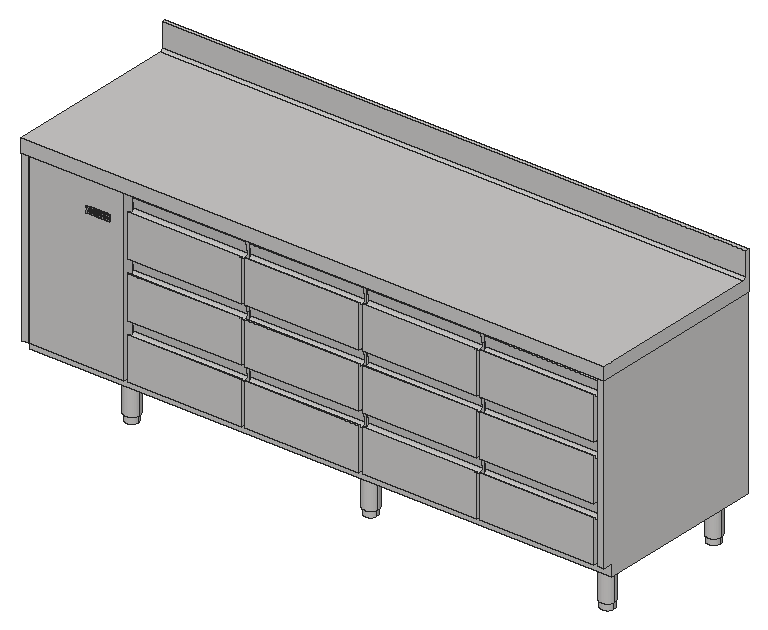
Revit family "QF_ZANUSSI_111066_ZH4H3CCCC", category Specialty Equipment, Revit 2018
Family settings
  Round Connector Dimension = Use Diameter
  Part Type = Normal
  Work Plane-Based = No
  Always vertical = Yes
  Cut with Voids When Loaded = No
  Shared = No
  Room Calculation Point = No
Parameters
  Weight = 0.00 kg
  Watts = 0.0232258 W
  Volts = 220 V
  URL Manufacturer = "http://www.zanussiprofessional.com/"
  URL = "http://www.zanussiprofessional.com/"
  Steam Supply Size = 0 mm
  Steam Supply Minimum Pressure = 0.0 Pa
  Steam Supply Maximum Pressure = 0.0 Pa
  Steam Pounds per Hour = 0
  Show Logo [instance] = yes
  Show Clearance [instance] = yes
  Refrigeration Suction Line Size = 0 mm
  Refrigeration Liquid Line Size = 0 mm
  Refrigerant Compressor Remote = yes
  Manufacturer = "Zanussi"
  Phase = 1
  Model = "ZH4H3CCCC"
  Length Actual = 2253 mm  # constant formula
  Item Number = "111066"
  Hot Water Size = 0 mm
  Height Actual = 1000 mm  # constant formula
  HP = "0.3 HP"
  Gas Size = 0 mm
  Gas KW = 0
  Gas Input Pressure = 0 W
  Description = "12x1/3 DRAWERS REFR.TABLE 590L-SPLASHB"
  Depth Actual = 700 mm  # constant formula
  Cycle = 50 Hz
  Condensate Return Size = 0 mm
  Compressed Air Volume = 0.0 L/s
  Compressed Air Size = 0 mm
  Compressed Air Pressure = 0.0 Pa
  Cold Water Size = 0 mm
  Accessory = yes
Reference planes
  plane 1 "Center X": y = 182.5
  plane 2: z = 0
  plane 3 "Center Y": x = -580.5
  plane 4: y = -62.5
  plane 5: y = 451.5
  plane 6 "BACK": y = 532.5
  plane 7 "FRONT": y = -167.5
  plane 8: x = -1360
  plane 9: x = 478
  plane 10: z = 150
  plane 11 "TOP": z = 900
  plane 12: z = 850
  plane 13 "LEFT": x = -1705
  plane 14 "RIGHT": x = 544
  plane 15: x = -437
  plane 16: x = -1707
  plane 17: x = 546
Forms (mm)
  Extrusion 1, solid, material "QF_Finishes_Stainless Steel"
    sketch origin (-580.5, 2, 0) x (0, 1, 0) y (0, 0, 1)
      loop
        line (530.5, 150) -> (530.5, 850) -> (-124.5, 850) -> (-124.5, 150) -> (530.5, 150)
    from -1124.5 to 1124.5
  Extrusion 2, solid, material "QF_Finishes_Stainless Steel"
    sketch origin (-1022.223, -1524, 150) x (-1, 0, 0) y (0, -1, 0)
      loop
        line (682.777, -1361.5) -> (657.777, -1361.5) -> (657.777, -1401.5) -> (682.777, -1401.5) -> (682.777, -1361.5)
      loop
        line (-1566.223, -1401.5) -> (-1541.223, -1401.5) -> (-1541.223, -1361.5) -> (-1566.223, -1361.5) -> (-1566.223, -1401.5)
    from 47 to 700
  Extrusion 3, solid, material "QF_Finishes_Stainless Steel"
    sketch origin (0, 0, 900) x (-1, 0, 0) y (0, -1, 0)
      loop
        circle (-57, -94.5) r 8.45
      loop
        circle (851, -94.5) r 8.45
    from -790.577 to -750
  Extrusion 4, solid, material "QF_Finishes_Stainless Steel"
    sketch origin (0, 0, 0) x (1, 0, 0) y (0, 1, 0)
      loop
        circle (-1621, 451.5) r 4
    from 109.423 to 150
  Extrusion 5, solid, material "QF_Finishes_Stainless Steel"
    sketch origin (-126.5, 0, 0) x (0, 1, 0) y (0, 0, 1)
      loop
        line (-167.5, 900) -> (-167.5, 850) -> (532.5, 850) -> (532.5, 1000) -> (519.5, 1000) -> (519.5, 910)
        arc (519.5, 910) -> (516.571, 902.929) -> (509.5, 900) r 10
        line (509.5, 900) -> (-167.5, 900)
    from 672.5 to -1580.5
Cuts and joins
  joined: Extrusion 1, Extrusion 2
Lines and regions (mm)
  symbolic lines, style "SpecialityEquipmentHiddenLines"
    curve 1: line (-1707, -122.5, 900) -> (546, -122.5, 900)
    curve 2: line (-1304, -167.5, 900) -> (-1304, -122.5, 900)
  symbolic lines, style "SpecialityEquipment"
    curve 3: line (-1707, 532.5, 900) -> (546, 532.5, 900)
    curve 4: line (-1707, 532.5, 900) -> (-1707, -167.5, 900)
    curve 5: line (-1707, -167.5, 900) -> (546, -167.5, 900)
    curve 6: line (546, -167.5, 900) -> (546, 532.5, 900)
    curve 7: line (-1707, 519.5, 900) -> (546, 519.5, 900)
Dimensions and locks
  locked: plane 6 "BACK" to plane 7 "FRONT" at 700
  equal spacing: plane 6 "BACK", plane 1 "Center X", plane 7 "FRONT"
  locked: plane 6 "BACK" to plane 5 at 81
  plane 10 to level = 150 mm
  plane 11 "TOP" to plane 12 to plane 10 = 50 mm locked, 700 mm locked
  locked: Extrusion 2 sketch curve to Extrusion 2 sketch curve at 25  (x2)
  locked: plane 4 to plane 7 "FRONT" at 105
  locked: plane 6 "BACK" to Extrusion 3 sketch curve at 438  (x2)
  equal spacing: plane 13 "LEFT", plane 3 "Center Y", plane 14 "RIGHT"
  plane 16 to plane 17 = 2253 mm
  locked: plane 13 "LEFT" to plane 8 at 345
  plane 15 to plane 9 to plane 14 "RIGHT" = 915 mm locked, 66 mm locked
  Extrusion 3 sketch curve to Extrusion 3 sketch curve to plane 14 "RIGHT" = 908 mm locked, 487 mm locked
  plane 13 "LEFT" to Extrusion 4 sketch curve = 84 mm
  locked: plane 6 "BACK" to Extrusion 4 sketch curve at 81
  locked: plane 10 to Extrusion 4 at 40.577
  aligned and locked: level to plane 2
  aligned and locked: plane 10 to Extrusion 3
  aligned and locked: nested 4 to plane 4
  aligned and locked: nested 1 to plane 4
  aligned and locked: nested 3 to plane 5
  aligned and locked: nested 2 to plane 5
  aligned and locked: plane 8 to nested 1
  aligned and locked: plane 8 to nested 2
  aligned and locked: plane 9 to nested 4
  aligned and locked: plane 9 to nested 3
  aligned and locked: Extrusion 1 to Extrusion 2
  aligned and locked: Extrusion 2 to Extrusion 1
  aligned and locked: Extrusion 2 sketch curve to plane 14 "RIGHT"
  aligned and locked: plane 13 "LEFT" to Extrusion 2 sketch curve
  aligned and locked: cut or joined group of Extrusion 1, Extrusion 2 to plane 10
  aligned and locked: plane 12 to cut or joined group of Extrusion 1, Extrusion 2
  aligned and locked: plane 10 to Extrusion 4
  aligned and locked: plane 15 to nested 11
  aligned and locked: plane 15 to nested 12
Automatic sketch dimensions
  plane 7 "FRONT" to Extrusion 2 sketch curve = 45 mm  (x2)
  plane 7 "FRONT" to Extrusion 2 sketch curve = 5 mm  (x2)
  Extrusion 1 sketch curve to plane 10 = 0 mm
  Extrusion 1 sketch curve to plane 12 = 0 mm
  Extrusion 1 sketch curve to plane 6 "BACK" = 0 mm
  plane 7 "FRONT" to Extrusion 1 sketch curve = 45 mm
  Extrusion 5 sketch curve to plane 7 "FRONT" = 0 mm
  Extrusion 5 sketch curve to plane 11 "TOP" = 0 mm
  Extrusion 5 sketch curve to plane 6 "BACK" = 0 mm
  Extrusion 5 sketch curve to plane 12 = 0 mm
  plane 11 "TOP" to Extrusion 5 sketch curve = 10 mm
  Extrusion 5 sketch curve to plane 6 "BACK" = 23 mm
  Extrusion 5 sketch curve to Extrusion 5 sketch curve = 90 mm
  curve 7 to plane 17 = 0 mm
  curve 2 to plane 7 "FRONT" = 0 mm
  curve 5 to plane 16 = 0 mm
  curve 3 to plane 6 "BACK" = 0 mm
  plane 8 to curve 2 = 56 mm
  curve 3 to curve 7 = 13 mm
  plane 7 "FRONT" to curve 1 = 45 mm
  radius of Extrusion 3 sketch curve = 8.45 mm  (x2)
  radius of Extrusion 4 sketch curve = 4 mm
Nested families
  nested 1: "Foot_Ø50_H150" at (-1360, -62.5, 0), type "Foot_Ø50_H150"
  nested 2: "Foot_Ø50_H150" at (-1360, 451.5, 0), type "Foot_Ø50_H150"
  nested 3: "Foot_Ø50_H150" at (478, 451.5, 0), type "Foot_Ø50_H150"
  nested 4: "Foot_Ø50_H150" at (478, -62.5, 0), type "Foot_Ø50_H150"
  nested 5: "3x1-3 Drawers" at (285, -164.5, 0), Show Clearance <- "Show Clearance", type "3x1-3 Drawers"
  nested 6: "3x1-3 Drawers" at (-169, -164.5, 0), Show Clearance <- "Show Clearance", type "3x1-3 Drawers"
  nested 7: "Refrigerator" at (544, -167.5, 900), type "Refrigerator"
  nested 8: "ZAN_Cooling Unit" at (-1495.5, -164.5, 0), Show Logo <- "Show Logo", type "ZAN_Cooling Unit"
  nested 9: "3x1-3 Drawers" at (-623, -164.5, 0), Show Clearance <- "Show Clearance", type "3x1-3 Drawers"
  nested 10: "3x1-3 Drawers" at (-1077, -164.5, 0) x (-1, 0, 0) z (0, 0, 1), Show Clearance <- "Show Clearance", type "3x1-3 Drawers"
  nested 11: "Foot_Ø50_H150" at (-437, -62.5, 0), type "Foot_Ø50_H150"
  nested 12: "Foot_Ø50_H150" at (-437, 451.5, 0), type "Foot_Ø50_H150"
Connectors
  electrical at (-1621, 451.5, 109.423), driven by "Volts"
    settings: on Extrusion 4, index 4, voltage 220 V, apparent load 0 VA, apparent load phase1 0 VA, apparent load phase2 0 VA, apparent load phase3 0 VA, power factor 1, load classification "Altro", number of poles 1, system type 30, power factor state 1, is connector primary yes, connector utility no, sub classification motor no, connector description "Electrical Connection"
  piping at (57, 94.5, 109.423), diameter 17
    settings: on Extrusion 3, index 5, connector inside diameter 609.6 mm, connector length 0 mm, flow factor 0, pipe flow 0.0 L/s, pressure drop 0.0 Pa, fitting loss kfactor 0, connector angle 0.00°, fixture units 0, engagement length 0 mm, angle of deflection 0.00°, flow configuration 1, flow direction 2, fitting loss method 0, system type 16, joint type 0, gender type 0, connector reference index -1, connector utility 0, adjustable connector no, is connector primary yes, connector description "Drain"
  piping at (-851, 94.5, 109.423), diameter 17
    settings: on Extrusion 3, index 6, connector inside diameter 609.6 mm, connector length 0 mm, flow factor 0, pipe flow 0.0 L/s, pressure drop 0.0 Pa, fitting loss kfactor 0, connector angle 0.00°, fixture units 0, engagement length 0 mm, angle of deflection 0.00°, flow configuration 1, flow direction 2, fitting loss method 0, system type 16, joint type 0, gender type 0, connector reference index -1, connector utility 0, adjustable connector no, is connector primary no, connector description "Drain"
Definition of nested family "Foot_Ø50_H150"
  Reference planes
    plane 1 "Centro (Fronte/Retro)": y = 0
    plane 2: z = 0
    plane 3 "Centro (Sinistra/Destra)": x = 0
    plane 4: z = 150
  Forms (mm)
    Revolve 1, solid
      sketch origin (255.05, 0, 608.09) x (0, 0, 1) y (-1, 0, 0)
        loop
          line (-608.09, 255.05) -> (-608.09, 230.05) -> (-583.09, 230.05) -> (-583.09, 226.05) -> (-458.09, 226.05) -> (-458.09, 255.05) -> (-608.09, 255.05)
        axis (-608.09, 255.05) -> (-458.09, 255.05)
      angle from 0 to 360
  Dimensions and locks
    locked: Revolve 1 sketch curve to Revolve 1 sketch curve at 125
    aligned and locked: level to plane 2
    aligned and locked: plane 4 to Revolve 1 sketch curve
    aligned and locked: Revolve 1 sketch curve to level
    aligned and locked: plane 3 "Centro (Sinistra/Destra)" to Revolve 1 sketch curve
Definition of nested family "3x1-3 Drawers"
  Parameters
    Show Clearance [instance] = yes
  Reference planes
    plane 1 "FRONT": y = -3
    plane 2: z = 0
    plane 3 "Centro (Sinistra/Destra)": x = 0
    plane 4: z = 150
    plane 5: z = 850
    plane 6: x = -234
    plane 7: x = 234
    plane 8: x = -220
    plane 9: x = 220
  Forms (mm)
    Extrusion 1, solid
      sketch origin (0, 55, 511) x (0, 0, 1) y (0, -1, 0)
        loop
          line (314, 18) -> (314, 29) -> (274.395, 22.5)
          arc (274.395, 22.5) -> (260.395, 36.5) -> (274.395, 50.5) r 14
          line (274.395, 50.5) -> (274.395, 53) -> (111.333, 53) -> (111.333, 18) -> (314, 18)
        loop
          line (101.333, 29) -> (61.728, 22.5)
          arc (61.728, 22.5) -> (47.728, 36.5) -> (61.728, 50.5) r 14
          line (61.728, 50.5) -> (61.728, 53) -> (-101.333, 53) -> (-101.333, 18) -> (101.333, 18) -> (101.333, 29)
        loop
          line (-314, 18) -> (-111.333, 18) -> (-111.333, 29) -> (-150.939, 22.5)
          arc (-150.939, 22.5) -> (-164.939, 36.5) -> (-150.939, 50.5) r 14
          line (-150.939, 50.5) -> (-150.939, 53) -> (-314, 53) -> (-314, 18)
      from -220 to 220
    Extrusion 2, solid, visible <- "Show Clearance", detail levels coarse
      sketch origin (0, -462, 511) x (0, 0, 1) y (0, -1, 0)
        loop
          line (-314, 109) -> (-314, -464) -> (-111.333, -464) -> (-111.333, 109) -> (-314, 109)
        loop
          line (314, -464) -> (314, 109) -> (111.333, 109) -> (111.333, -464) -> (314, -464)
        loop
          line (101.333, 109) -> (-101.333, 109) -> (-101.333, -464) -> (101.333, -464) -> (101.333, 109)
      from -220 to 220
  Lines and regions (mm)
    symbolic lines
      curve 1: line (-190, -3, 0) -> (-190, -48, 0)
      curve 2: line (220, -48, 0) -> (-220, -48, 0)
      curve 3: line (-220, -48, 0) -> (-220, -83, 0)
      curve 4: line (-220, -83, 0) -> (220, -83, 0)
      curve 5: line (220, -83, 0) -> (220, -48, 0)
      curve 6: line (190, -48, 0) -> (190, -3, 0)
      curve 7: line (-190, -83, 0) -> (-190, -128, 0)
      curve 8: line (220, -128, 0) -> (-220, -128, 0)
      curve 9: line (-220, -128, 0) -> (-220, -163, 0)
      curve 10: line (-220, -163, 0) -> (220, -163, 0)
      curve 11: line (220, -163, 0) -> (220, -128, 0)
      curve 12: line (190, -128, 0) -> (190, -83, 0)
      curve 13: line (-190, -163, 0) -> (-190, -208, 0)
      curve 14: line (220, -208, 0) -> (-220, -208, 0)
      curve 15: line (-220, -208, 0) -> (-220, -243, 0)
      curve 16: line (-220, -243, 0) -> (220, -243, 0)
      curve 17: line (220, -243, 0) -> (220, -208, 0)
      curve 18: line (190, -208, 0) -> (190, -163, 0)
  Dimensions and locks
    aligned and locked: level to plane 2
Definition of nested family "ZAN_Cooling Unit"
  Parameters
    Show Logo [instance] = yes
  Reference planes
    plane 1 "FRONT": y = -3
    plane 2: z = 0
    plane 3 "Centro (Sinistra/Destra)": x = 0
    plane 4: z = 150
    plane 5: z = 850
    plane 6: x = -184.5
    plane 7: x = 184.5
  Forms (mm)
    Extrusion 1, solid
      sketch origin (0, 55, 511) x (0, 0, 1) y (0, -1, 0)
        loop
          line (-314, 53) -> (-314, 13) -> (339, 13) -> (339, 53) -> (-314, 53)
      from -184.5 to 184.5
  Lines and regions (mm)
    Split face 1
      outline origin (0, 2, 197) x (0, 0, 1) y (-1, 0, 0)
        loop
          line (566.835, 184.5) -> (566.835, -184.5)
        loop
          line (521.835, 184.5) -> (521.835, -184.5)
    Split face 2
      outline origin (0, 2, 197) x (0, 0, 1) y (-1, 0, 0)
        loop
          arc (510.649, 158.547) -> (506.648, 162.548) -> (502.647, 158.547) r 4.001
          line (502.647, 158.547) -> (502.647, 116.535)
          arc (502.647, 116.535) -> (506.648, 112.533) -> (510.649, 116.535) r 4.001
          line (510.649, 116.535) -> (510.649, 158.547)
    Split face 3
      outline origin (0, 2, 184.996) x (0, 0, 1) y (-1, 0, 0)
        loop
          arc (510.649, 158.547) -> (506.648, 162.548) -> (502.647, 158.547) r 4.001
          line (502.647, 158.547) -> (502.647, 116.535)
          arc (502.647, 116.535) -> (506.648, 112.533) -> (510.649, 116.535) r 4.001
          line (510.649, 116.535) -> (510.649, 158.547)
    Split face 4
      outline origin (0, 2, 172.993) x (0, 0, 1) y (-1, 0, 0)
        loop
          arc (510.649, 158.547) -> (506.648, 162.548) -> (502.647, 158.547) r 4.001
          line (502.647, 158.547) -> (502.647, 116.535)
          arc (502.647, 116.535) -> (506.648, 112.533) -> (510.649, 116.535) r 4.001
          line (510.649, 116.535) -> (510.649, 158.547)
    Split face 5
      outline origin (0, 2, 160.989) x (0, 0, 1) y (-1, 0, 0)
        loop
          arc (510.649, 158.547) -> (506.648, 162.548) -> (502.647, 158.547) r 4.001
          line (502.647, 158.547) -> (502.647, 116.535)
          arc (502.647, 116.535) -> (506.648, 112.533) -> (510.649, 116.535) r 4.001
          line (510.649, 116.535) -> (510.649, 158.547)
    Split face 6
      outline origin (0, 2, 148.986) x (0, 0, 1) y (-1, 0, 0)
        loop
          arc (510.649, 158.547) -> (506.648, 162.548) -> (502.647, 158.547) r 4.001
          line (502.647, 158.547) -> (502.647, 116.535)
          arc (502.647, 116.535) -> (506.648, 112.533) -> (510.649, 116.535) r 4.001
          line (510.649, 116.535) -> (510.649, 158.547)
    Split face 7
      outline origin (0, 2, 136.982) x (0, 0, 1) y (-1, 0, 0)
        loop
          arc (510.649, 158.547) -> (506.648, 162.548) -> (502.647, 158.547) r 4.001
          line (502.647, 158.547) -> (502.647, 116.535)
          arc (502.647, 116.535) -> (506.648, 112.533) -> (510.649, 116.535) r 4.001
          line (510.649, 116.535) -> (510.649, 158.547)
    Split face 8
      outline origin (0, 2, 124.979) x (0, 0, 1) y (-1, 0, 0)
        loop
          arc (510.649, 158.547) -> (506.648, 162.548) -> (502.647, 158.547) r 4.001
          line (502.647, 158.547) -> (502.647, 116.535)
          arc (502.647, 116.535) -> (506.648, 112.533) -> (510.649, 116.535) r 4.001
          line (510.649, 116.535) -> (510.649, 158.547)
    Split face 9
      outline origin (0, 2, 112.975) x (0, 0, 1) y (-1, 0, 0)
        loop
          arc (510.649, 158.547) -> (506.648, 162.548) -> (502.647, 158.547) r 4.001
          line (502.647, 158.547) -> (502.647, 116.535)
          arc (502.647, 116.535) -> (506.648, 112.533) -> (510.649, 116.535) r 4.001
          line (510.649, 116.535) -> (510.649, 158.547)
    Split face 10
      outline origin (0, 2, 100.972) x (0, 0, 1) y (-1, 0, 0)
        loop
          arc (510.649, 158.547) -> (506.648, 162.548) -> (502.647, 158.547) r 4.001
          line (502.647, 158.547) -> (502.647, 116.535)
          arc (502.647, 116.535) -> (506.648, 112.533) -> (510.649, 116.535) r 4.001
          line (510.649, 116.535) -> (510.649, 158.547)
    Split face 11
      outline origin (0, 2, 88.968) x (0, 0, 1) y (-1, 0, 0)
        loop
          arc (510.649, 158.547) -> (506.648, 162.548) -> (502.647, 158.547) r 4.001
          line (502.647, 158.547) -> (502.647, 116.535)
          arc (502.647, 116.535) -> (506.648, 112.533) -> (510.649, 116.535) r 4.001
          line (510.649, 116.535) -> (510.649, 158.547)
    Split face 12
      outline origin (0, 2, 76.965) x (0, 0, 1) y (-1, 0, 0)
        loop
          arc (510.649, 158.547) -> (506.648, 162.548) -> (502.647, 158.547) r 4.001
          line (502.647, 158.547) -> (502.647, 116.535)
          arc (502.647, 116.535) -> (506.648, 112.533) -> (510.649, 116.535) r 4.001
          line (510.649, 116.535) -> (510.649, 158.547)
    Split face 13
      outline origin (0, 2, 64.961) x (0, 0, 1) y (-1, 0, 0)
        loop
          arc (510.649, 158.547) -> (506.648, 162.548) -> (502.647, 158.547) r 4.001
          line (502.647, 158.547) -> (502.647, 116.535)
          arc (502.647, 116.535) -> (506.648, 112.533) -> (510.649, 116.535) r 4.001
          line (510.649, 116.535) -> (510.649, 158.547)
    Split face 14
      outline origin (0, 2, 52.958) x (0, 0, 1) y (-1, 0, 0)
        loop
          arc (510.649, 158.547) -> (506.648, 162.548) -> (502.647, 158.547) r 4.001
          line (502.647, 158.547) -> (502.647, 116.535)
          arc (502.647, 116.535) -> (506.648, 112.533) -> (510.649, 116.535) r 4.001
          line (510.649, 116.535) -> (510.649, 158.547)
    Split face 15
      outline origin (0, 2, 40.954) x (0, 0, 1) y (-1, 0, 0)
        loop
          arc (510.649, 158.547) -> (506.648, 162.548) -> (502.647, 158.547) r 4.001
          line (502.647, 158.547) -> (502.647, 116.535)
          arc (502.647, 116.535) -> (506.648, 112.533) -> (510.649, 116.535) r 4.001
          line (510.649, 116.535) -> (510.649, 158.547)
    Split face 16
      outline origin (0, 2, 28.951) x (0, 0, 1) y (-1, 0, 0)
        loop
          arc (510.649, 158.547) -> (506.648, 162.548) -> (502.647, 158.547) r 4.001
          line (502.647, 158.547) -> (502.647, 116.535)
          arc (502.647, 116.535) -> (506.648, 112.533) -> (510.649, 116.535) r 4.001
          line (510.649, 116.535) -> (510.649, 158.547)
    Split face 17
      outline origin (0, 2, 16.947) x (0, 0, 1) y (-1, 0, 0)
        loop
          arc (510.649, 158.547) -> (506.648, 162.548) -> (502.647, 158.547) r 4.001
          line (502.647, 158.547) -> (502.647, 116.535)
          arc (502.647, 116.535) -> (506.648, 112.533) -> (510.649, 116.535) r 4.001
          line (510.649, 116.535) -> (510.649, 158.547)
    Split face 18
      outline origin (55.016, 2, 197) x (0, 0, 1) y (-1, 0, 0)
        loop
          arc (510.649, 158.547) -> (506.648, 162.548) -> (502.647, 158.547) r 4.001
          line (502.647, 158.547) -> (502.647, 116.535)
          arc (502.647, 116.535) -> (506.648, 112.533) -> (510.649, 116.535) r 4.001
          line (510.649, 116.535) -> (510.649, 158.547)
    Split face 19
      outline origin (55.016, 2, 184.996) x (0, 0, 1) y (-1, 0, 0)
        loop
          arc (510.649, 158.547) -> (506.648, 162.548) -> (502.647, 158.547) r 4.001
          line (502.647, 158.547) -> (502.647, 116.535)
          arc (502.647, 116.535) -> (506.648, 112.533) -> (510.649, 116.535) r 4.001
          line (510.649, 116.535) -> (510.649, 158.547)
    Split face 20
      outline origin (55.016, 2, 172.993) x (0, 0, 1) y (-1, 0, 0)
        loop
          arc (510.649, 158.547) -> (506.648, 162.548) -> (502.647, 158.547) r 4.001
          line (502.647, 158.547) -> (502.647, 116.535)
          arc (502.647, 116.535) -> (506.648, 112.533) -> (510.649, 116.535) r 4.001
          line (510.649, 116.535) -> (510.649, 158.547)
    Split face 21
      outline origin (55.016, 2, 160.989) x (0, 0, 1) y (-1, 0, 0)
        loop
          arc (510.649, 158.547) -> (506.648, 162.548) -> (502.647, 158.547) r 4.001
          line (502.647, 158.547) -> (502.647, 116.535)
          arc (502.647, 116.535) -> (506.648, 112.533) -> (510.649, 116.535) r 4.001
          line (510.649, 116.535) -> (510.649, 158.547)
    Split face 22
      outline origin (55.016, 2, 148.986) x (0, 0, 1) y (-1, 0, 0)
        loop
          arc (510.649, 158.547) -> (506.648, 162.548) -> (502.647, 158.547) r 4.001
          line (502.647, 158.547) -> (502.647, 116.535)
          arc (502.647, 116.535) -> (506.648, 112.533) -> (510.649, 116.535) r 4.001
          line (510.649, 116.535) -> (510.649, 158.547)
    Split face 23
      outline origin (55.016, 2, 136.982) x (0, 0, 1) y (-1, 0, 0)
        loop
          arc (510.649, 158.547) -> (506.648, 162.548) -> (502.647, 158.547) r 4.001
          line (502.647, 158.547) -> (502.647, 116.535)
          arc (502.647, 116.535) -> (506.648, 112.533) -> (510.649, 116.535) r 4.001
          line (510.649, 116.535) -> (510.649, 158.547)
    Split face 24
      outline origin (55.016, 2, 124.979) x (0, 0, 1) y (-1, 0, 0)
        loop
          arc (510.649, 158.547) -> (506.648, 162.548) -> (502.647, 158.547) r 4.001
          line (502.647, 158.547) -> (502.647, 116.535)
          arc (502.647, 116.535) -> (506.648, 112.533) -> (510.649, 116.535) r 4.001
          line (510.649, 116.535) -> (510.649, 158.547)
    Split face 25
      outline origin (55.016, 2, 112.975) x (0, 0, 1) y (-1, 0, 0)
        loop
          arc (510.649, 158.547) -> (506.648, 162.548) -> (502.647, 158.547) r 4.001
          line (502.647, 158.547) -> (502.647, 116.535)
          arc (502.647, 116.535) -> (506.648, 112.533) -> (510.649, 116.535) r 4.001
          line (510.649, 116.535) -> (510.649, 158.547)
    Split face 26
      outline origin (55.016, 2, 100.972) x (0, 0, 1) y (-1, 0, 0)
        loop
          arc (510.649, 158.547) -> (506.648, 162.548) -> (502.647, 158.547) r 4.001
          line (502.647, 158.547) -> (502.647, 116.535)
          arc (502.647, 116.535) -> (506.648, 112.533) -> (510.649, 116.535) r 4.001
          line (510.649, 116.535) -> (510.649, 158.547)
    Split face 27
      outline origin (55.016, 2, 88.968) x (0, 0, 1) y (-1, 0, 0)
        loop
          arc (510.649, 158.547) -> (506.648, 162.548) -> (502.647, 158.547) r 4.001
          line (502.647, 158.547) -> (502.647, 116.535)
          arc (502.647, 116.535) -> (506.648, 112.533) -> (510.649, 116.535) r 4.001
          line (510.649, 116.535) -> (510.649, 158.547)
    Split face 28
      outline origin (55.016, 2, 76.965) x (0, 0, 1) y (-1, 0, 0)
        loop
          arc (510.649, 158.547) -> (506.648, 162.548) -> (502.647, 158.547) r 4.001
          line (502.647, 158.547) -> (502.647, 116.535)
          arc (502.647, 116.535) -> (506.648, 112.533) -> (510.649, 116.535) r 4.001
          line (510.649, 116.535) -> (510.649, 158.547)
    Split face 29
      outline origin (55.016, 2, 64.961) x (0, 0, 1) y (-1, 0, 0)
        loop
          arc (510.649, 158.547) -> (506.648, 162.548) -> (502.647, 158.547) r 4.001
          line (502.647, 158.547) -> (502.647, 116.535)
          arc (502.647, 116.535) -> (506.648, 112.533) -> (510.649, 116.535) r 4.001
          line (510.649, 116.535) -> (510.649, 158.547)
    Split face 30
      outline origin (55.016, 2, 52.958) x (0, 0, 1) y (-1, 0, 0)
        loop
          arc (510.649, 158.547) -> (506.648, 162.548) -> (502.647, 158.547) r 4.001
          line (502.647, 158.547) -> (502.647, 116.535)
          arc (502.647, 116.535) -> (506.648, 112.533) -> (510.649, 116.535) r 4.001
          line (510.649, 116.535) -> (510.649, 158.547)
    Split face 31
      outline origin (55.016, 2, 40.954) x (0, 0, 1) y (-1, 0, 0)
        loop
          arc (510.649, 158.547) -> (506.648, 162.548) -> (502.647, 158.547) r 4.001
          line (502.647, 158.547) -> (502.647, 116.535)
          arc (502.647, 116.535) -> (506.648, 112.533) -> (510.649, 116.535) r 4.001
          line (510.649, 116.535) -> (510.649, 158.547)
    Split face 32
      outline origin (55.016, 2, 28.951) x (0, 0, 1) y (-1, 0, 0)
        loop
          arc (510.649, 158.547) -> (506.648, 162.548) -> (502.647, 158.547) r 4.001
          line (502.647, 158.547) -> (502.647, 116.535)
          arc (502.647, 116.535) -> (506.648, 112.533) -> (510.649, 116.535) r 4.001
          line (510.649, 116.535) -> (510.649, 158.547)
    Split face 33
      outline origin (55.016, 2, 16.947) x (0, 0, 1) y (-1, 0, 0)
        loop
          arc (510.649, 158.547) -> (506.648, 162.548) -> (502.647, 158.547) r 4.001
          line (502.647, 158.547) -> (502.647, 116.535)
          arc (502.647, 116.535) -> (506.648, 112.533) -> (510.649, 116.535) r 4.001
          line (510.649, 116.535) -> (510.649, 158.547)
    Split face 34
      outline origin (110.032, 2, 197) x (0, 0, 1) y (-1, 0, 0)
        loop
          arc (510.649, 158.547) -> (506.648, 162.548) -> (502.647, 158.547) r 4.001
          line (502.647, 158.547) -> (502.647, 116.535)
          arc (502.647, 116.535) -> (506.648, 112.533) -> (510.649, 116.535) r 4.001
          line (510.649, 116.535) -> (510.649, 158.547)
    Split face 35
      outline origin (110.032, 2, 184.996) x (0, 0, 1) y (-1, 0, 0)
        loop
          arc (510.649, 158.547) -> (506.648, 162.548) -> (502.647, 158.547) r 4.001
          line (502.647, 158.547) -> (502.647, 116.535)
          arc (502.647, 116.535) -> (506.648, 112.533) -> (510.649, 116.535) r 4.001
          line (510.649, 116.535) -> (510.649, 158.547)
    Split face 36
      outline origin (110.032, 2, 172.993) x (0, 0, 1) y (-1, 0, 0)
        loop
          arc (510.649, 158.547) -> (506.648, 162.548) -> (502.647, 158.547) r 4.001
          line (502.647, 158.547) -> (502.647, 116.535)
          arc (502.647, 116.535) -> (506.648, 112.533) -> (510.649, 116.535) r 4.001
          line (510.649, 116.535) -> (510.649, 158.547)
    Split face 37
      outline origin (110.032, 2, 160.989) x (0, 0, 1) y (-1, 0, 0)
        loop
          arc (510.649, 158.547) -> (506.648, 162.548) -> (502.647, 158.547) r 4.001
          line (502.647, 158.547) -> (502.647, 116.535)
          arc (502.647, 116.535) -> (506.648, 112.533) -> (510.649, 116.535) r 4.001
          line (510.649, 116.535) -> (510.649, 158.547)
    Split face 38
      outline origin (110.032, 2, 148.986) x (0, 0, 1) y (-1, 0, 0)
        loop
          arc (510.649, 158.547) -> (506.648, 162.548) -> (502.647, 158.547) r 4.001
          line (502.647, 158.547) -> (502.647, 116.535)
          arc (502.647, 116.535) -> (506.648, 112.533) -> (510.649, 116.535) r 4.001
          line (510.649, 116.535) -> (510.649, 158.547)
    Split face 39
      outline origin (110.032, 2, 136.982) x (0, 0, 1) y (-1, 0, 0)
        loop
          arc (510.649, 158.547) -> (506.648, 162.548) -> (502.647, 158.547) r 4.001
          line (502.647, 158.547) -> (502.647, 116.535)
          arc (502.647, 116.535) -> (506.648, 112.533) -> (510.649, 116.535) r 4.001
          line (510.649, 116.535) -> (510.649, 158.547)
    Split face 40
      outline origin (110.032, 2, 124.979) x (0, 0, 1) y (-1, 0, 0)
        loop
          arc (510.649, 158.547) -> (506.648, 162.548) -> (502.647, 158.547) r 4.001
          line (502.647, 158.547) -> (502.647, 116.535)
          arc (502.647, 116.535) -> (506.648, 112.533) -> (510.649, 116.535) r 4.001
          line (510.649, 116.535) -> (510.649, 158.547)
    Split face 41
      outline origin (110.032, 2, 112.975) x (0, 0, 1) y (-1, 0, 0)
        loop
          arc (510.649, 158.547) -> (506.648, 162.548) -> (502.647, 158.547) r 4.001
          line (502.647, 158.547) -> (502.647, 116.535)
          arc (502.647, 116.535) -> (506.648, 112.533) -> (510.649, 116.535) r 4.001
          line (510.649, 116.535) -> (510.649, 158.547)
    Split face 42
      outline origin (110.032, 2, 100.972) x (0, 0, 1) y (-1, 0, 0)
        loop
          arc (510.649, 158.547) -> (506.648, 162.548) -> (502.647, 158.547) r 4.001
          line (502.647, 158.547) -> (502.647, 116.535)
          arc (502.647, 116.535) -> (506.648, 112.533) -> (510.649, 116.535) r 4.001
          line (510.649, 116.535) -> (510.649, 158.547)
    Split face 43
      outline origin (110.032, 2, 88.968) x (0, 0, 1) y (-1, 0, 0)
        loop
          arc (510.649, 158.547) -> (506.648, 162.548) -> (502.647, 158.547) r 4.001
          line (502.647, 158.547) -> (502.647, 116.535)
          arc (502.647, 116.535) -> (506.648, 112.533) -> (510.649, 116.535) r 4.001
          line (510.649, 116.535) -> (510.649, 158.547)
    Split face 44
      outline origin (110.032, 2, 76.965) x (0, 0, 1) y (-1, 0, 0)
        loop
          arc (510.649, 158.547) -> (506.648, 162.548) -> (502.647, 158.547) r 4.001
          line (502.647, 158.547) -> (502.647, 116.535)
          arc (502.647, 116.535) -> (506.648, 112.533) -> (510.649, 116.535) r 4.001
          line (510.649, 116.535) -> (510.649, 158.547)
    Split face 45
      outline origin (110.032, 2, 64.961) x (0, 0, 1) y (-1, 0, 0)
        loop
          arc (510.649, 158.547) -> (506.648, 162.548) -> (502.647, 158.547) r 4.001
          line (502.647, 158.547) -> (502.647, 116.535)
          arc (502.647, 116.535) -> (506.648, 112.533) -> (510.649, 116.535) r 4.001
          line (510.649, 116.535) -> (510.649, 158.547)
    Split face 46
      outline origin (110.032, 2, 52.958) x (0, 0, 1) y (-1, 0, 0)
        loop
          arc (510.649, 158.547) -> (506.648, 162.548) -> (502.647, 158.547) r 4.001
          line (502.647, 158.547) -> (502.647, 116.535)
          arc (502.647, 116.535) -> (506.648, 112.533) -> (510.649, 116.535) r 4.001
          line (510.649, 116.535) -> (510.649, 158.547)
    Split face 47
      outline origin (110.032, 2, 40.954) x (0, 0, 1) y (-1, 0, 0)
        loop
          arc (510.649, 158.547) -> (506.648, 162.548) -> (502.647, 158.547) r 4.001
          line (502.647, 158.547) -> (502.647, 116.535)
          arc (502.647, 116.535) -> (506.648, 112.533) -> (510.649, 116.535) r 4.001
          line (510.649, 116.535) -> (510.649, 158.547)
    Split face 48
      outline origin (110.032, 2, 28.951) x (0, 0, 1) y (-1, 0, 0)
        loop
          arc (510.649, 158.547) -> (506.648, 162.548) -> (502.647, 158.547) r 4.001
          line (502.647, 158.547) -> (502.647, 116.535)
          arc (502.647, 116.535) -> (506.648, 112.533) -> (510.649, 116.535) r 4.001
          line (510.649, 116.535) -> (510.649, 158.547)
    Split face 49
      outline origin (110.032, 2, 16.947) x (0, 0, 1) y (-1, 0, 0)
        loop
          arc (510.649, 158.547) -> (506.648, 162.548) -> (502.647, 158.547) r 4.001
          line (502.647, 158.547) -> (502.647, 116.535)
          arc (502.647, 116.535) -> (506.648, 112.533) -> (510.649, 116.535) r 4.001
          line (510.649, 116.535) -> (510.649, 158.547)
    Split face 50
      outline origin (165.048, 2, 197) x (0, 0, 1) y (-1, 0, 0)
        loop
          arc (510.649, 158.547) -> (506.648, 162.548) -> (502.647, 158.547) r 4.001
          line (502.647, 158.547) -> (502.647, 116.535)
          arc (502.647, 116.535) -> (506.648, 112.533) -> (510.649, 116.535) r 4.001
          line (510.649, 116.535) -> (510.649, 158.547)
    Split face 51
      outline origin (165.048, 2, 184.996) x (0, 0, 1) y (-1, 0, 0)
        loop
          arc (510.649, 158.547) -> (506.648, 162.548) -> (502.647, 158.547) r 4.001
          line (502.647, 158.547) -> (502.647, 116.535)
          arc (502.647, 116.535) -> (506.648, 112.533) -> (510.649, 116.535) r 4.001
          line (510.649, 116.535) -> (510.649, 158.547)
    Split face 52
      outline origin (165.048, 2, 172.993) x (0, 0, 1) y (-1, 0, 0)
        loop
          arc (510.649, 158.547) -> (506.648, 162.548) -> (502.647, 158.547) r 4.001
          line (502.647, 158.547) -> (502.647, 116.535)
          arc (502.647, 116.535) -> (506.648, 112.533) -> (510.649, 116.535) r 4.001
          line (510.649, 116.535) -> (510.649, 158.547)
    Split face 53
      outline origin (165.048, 2, 160.989) x (0, 0, 1) y (-1, 0, 0)
        loop
          arc (510.649, 158.547) -> (506.648, 162.548) -> (502.647, 158.547) r 4.001
          line (502.647, 158.547) -> (502.647, 116.535)
          arc (502.647, 116.535) -> (506.648, 112.533) -> (510.649, 116.535) r 4.001
          line (510.649, 116.535) -> (510.649, 158.547)
    Split face 54
      outline origin (165.048, 2, 148.986) x (0, 0, 1) y (-1, 0, 0)
        loop
          arc (510.649, 158.547) -> (506.648, 162.548) -> (502.647, 158.547) r 4.001
          line (502.647, 158.547) -> (502.647, 116.535)
          arc (502.647, 116.535) -> (506.648, 112.533) -> (510.649, 116.535) r 4.001
          line (510.649, 116.535) -> (510.649, 158.547)
    Split face 55
      outline origin (165.048, 2, 136.982) x (0, 0, 1) y (-1, 0, 0)
        loop
          arc (510.649, 158.547) -> (506.648, 162.548) -> (502.647, 158.547) r 4.001
          line (502.647, 158.547) -> (502.647, 116.535)
          arc (502.647, 116.535) -> (506.648, 112.533) -> (510.649, 116.535) r 4.001
          line (510.649, 116.535) -> (510.649, 158.547)
    Split face 56
      outline origin (165.048, 2, 124.979) x (0, 0, 1) y (-1, 0, 0)
        loop
          arc (510.649, 158.547) -> (506.648, 162.548) -> (502.647, 158.547) r 4.001
          line (502.647, 158.547) -> (502.647, 116.535)
          arc (502.647, 116.535) -> (506.648, 112.533) -> (510.649, 116.535) r 4.001
          line (510.649, 116.535) -> (510.649, 158.547)
    Split face 57
      outline origin (165.048, 2, 112.975) x (0, 0, 1) y (-1, 0, 0)
        loop
          arc (510.649, 158.547) -> (506.648, 162.548) -> (502.647, 158.547) r 4.001
          line (502.647, 158.547) -> (502.647, 116.535)
          arc (502.647, 116.535) -> (506.648, 112.533) -> (510.649, 116.535) r 4.001
          line (510.649, 116.535) -> (510.649, 158.547)
    Split face 58
      outline origin (165.048, 2, 100.972) x (0, 0, 1) y (-1, 0, 0)
        loop
          arc (510.649, 158.547) -> (506.648, 162.548) -> (502.647, 158.547) r 4.001
          line (502.647, 158.547) -> (502.647, 116.535)
          arc (502.647, 116.535) -> (506.648, 112.533) -> (510.649, 116.535) r 4.001
          line (510.649, 116.535) -> (510.649, 158.547)
    Split face 59
      outline origin (165.048, 2, 88.968) x (0, 0, 1) y (-1, 0, 0)
        loop
          arc (510.649, 158.547) -> (506.648, 162.548) -> (502.647, 158.547) r 4.001
          line (502.647, 158.547) -> (502.647, 116.535)
          arc (502.647, 116.535) -> (506.648, 112.533) -> (510.649, 116.535) r 4.001
          line (510.649, 116.535) -> (510.649, 158.547)
    Split face 60
      outline origin (165.048, 2, 76.965) x (0, 0, 1) y (-1, 0, 0)
        loop
          arc (510.649, 158.547) -> (506.648, 162.548) -> (502.647, 158.547) r 4.001
          line (502.647, 158.547) -> (502.647, 116.535)
          arc (502.647, 116.535) -> (506.648, 112.533) -> (510.649, 116.535) r 4.001
          line (510.649, 116.535) -> (510.649, 158.547)
    Split face 61
      outline origin (165.048, 2, 64.961) x (0, 0, 1) y (-1, 0, 0)
        loop
          arc (510.649, 158.547) -> (506.648, 162.548) -> (502.647, 158.547) r 4.001
          line (502.647, 158.547) -> (502.647, 116.535)
          arc (502.647, 116.535) -> (506.648, 112.533) -> (510.649, 116.535) r 4.001
          line (510.649, 116.535) -> (510.649, 158.547)
    Split face 62
      outline origin (165.048, 2, 52.958) x (0, 0, 1) y (-1, 0, 0)
        loop
          arc (510.649, 158.547) -> (506.648, 162.548) -> (502.647, 158.547) r 4.001
          line (502.647, 158.547) -> (502.647, 116.535)
          arc (502.647, 116.535) -> (506.648, 112.533) -> (510.649, 116.535) r 4.001
          line (510.649, 116.535) -> (510.649, 158.547)
    Split face 63
      outline origin (165.048, 2, 40.954) x (0, 0, 1) y (-1, 0, 0)
        loop
          arc (510.649, 158.547) -> (506.648, 162.548) -> (502.647, 158.547) r 4.001
          line (502.647, 158.547) -> (502.647, 116.535)
          arc (502.647, 116.535) -> (506.648, 112.533) -> (510.649, 116.535) r 4.001
          line (510.649, 116.535) -> (510.649, 158.547)
    Split face 64
      outline origin (165.048, 2, 28.951) x (0, 0, 1) y (-1, 0, 0)
        loop
          arc (510.649, 158.547) -> (506.648, 162.548) -> (502.647, 158.547) r 4.001
          line (502.647, 158.547) -> (502.647, 116.535)
          arc (502.647, 116.535) -> (506.648, 112.533) -> (510.649, 116.535) r 4.001
          line (510.649, 116.535) -> (510.649, 158.547)
    Split face 65
      outline origin (165.048, 2, 16.947) x (0, 0, 1) y (-1, 0, 0)
        loop
          arc (510.649, 158.547) -> (506.648, 162.548) -> (502.647, 158.547) r 4.001
          line (502.647, 158.547) -> (502.647, 116.535)
          arc (502.647, 116.535) -> (506.648, 112.533) -> (510.649, 116.535) r 4.001
          line (510.649, 116.535) -> (510.649, 158.547)
    Split face 66
      outline origin (220.064, 2, 197) x (0, 0, 1) y (-1, 0, 0)
        loop
          arc (510.649, 158.547) -> (506.648, 162.548) -> (502.647, 158.547) r 4.001
          line (502.647, 158.547) -> (502.647, 116.535)
          arc (502.647, 116.535) -> (506.648, 112.533) -> (510.649, 116.535) r 4.001
          line (510.649, 116.535) -> (510.649, 158.547)
    Split face 67
      outline origin (220.064, 2, 184.996) x (0, 0, 1) y (-1, 0, 0)
        loop
          arc (510.649, 158.547) -> (506.648, 162.548) -> (502.647, 158.547) r 4.001
          line (502.647, 158.547) -> (502.647, 116.535)
          arc (502.647, 116.535) -> (506.648, 112.533) -> (510.649, 116.535) r 4.001
          line (510.649, 116.535) -> (510.649, 158.547)
    Split face 68
      outline origin (220.064, 2, 172.993) x (0, 0, 1) y (-1, 0, 0)
        loop
          arc (510.649, 158.547) -> (506.648, 162.548) -> (502.647, 158.547) r 4.001
          line (502.647, 158.547) -> (502.647, 116.535)
          arc (502.647, 116.535) -> (506.648, 112.533) -> (510.649, 116.535) r 4.001
          line (510.649, 116.535) -> (510.649, 158.547)
    Split face 69
      outline origin (220.064, 2, 160.989) x (0, 0, 1) y (-1, 0, 0)
        loop
          arc (510.649, 158.547) -> (506.648, 162.548) -> (502.647, 158.547) r 4.001
          line (502.647, 158.547) -> (502.647, 116.535)
          arc (502.647, 116.535) -> (506.648, 112.533) -> (510.649, 116.535) r 4.001
          line (510.649, 116.535) -> (510.649, 158.547)
    Split face 70
      outline origin (220.064, 2, 148.986) x (0, 0, 1) y (-1, 0, 0)
        loop
          arc (510.649, 158.547) -> (506.648, 162.548) -> (502.647, 158.547) r 4.001
          line (502.647, 158.547) -> (502.647, 116.535)
          arc (502.647, 116.535) -> (506.648, 112.533) -> (510.649, 116.535) r 4.001
          line (510.649, 116.535) -> (510.649, 158.547)
    Split face 71
      outline origin (220.064, 2, 136.982) x (0, 0, 1) y (-1, 0, 0)
        loop
          arc (510.649, 158.547) -> (506.648, 162.548) -> (502.647, 158.547) r 4.001
          line (502.647, 158.547) -> (502.647, 116.535)
          arc (502.647, 116.535) -> (506.648, 112.533) -> (510.649, 116.535) r 4.001
          line (510.649, 116.535) -> (510.649, 158.547)
    Split face 72
      outline origin (220.064, 2, 124.979) x (0, 0, 1) y (-1, 0, 0)
        loop
          arc (510.649, 158.547) -> (506.648, 162.548) -> (502.647, 158.547) r 4.001
          line (502.647, 158.547) -> (502.647, 116.535)
          arc (502.647, 116.535) -> (506.648, 112.533) -> (510.649, 116.535) r 4.001
          line (510.649, 116.535) -> (510.649, 158.547)
    Split face 73
      outline origin (220.064, 2, 112.975) x (0, 0, 1) y (-1, 0, 0)
        loop
          arc (510.649, 158.547) -> (506.648, 162.548) -> (502.647, 158.547) r 4.001
          line (502.647, 158.547) -> (502.647, 116.535)
          arc (502.647, 116.535) -> (506.648, 112.533) -> (510.649, 116.535) r 4.001
          line (510.649, 116.535) -> (510.649, 158.547)
    Split face 74
      outline origin (220.064, 2, 100.972) x (0, 0, 1) y (-1, 0, 0)
        loop
          arc (510.649, 158.547) -> (506.648, 162.548) -> (502.647, 158.547) r 4.001
          line (502.647, 158.547) -> (502.647, 116.535)
          arc (502.647, 116.535) -> (506.648, 112.533) -> (510.649, 116.535) r 4.001
          line (510.649, 116.535) -> (510.649, 158.547)
    Split face 75
      outline origin (220.064, 2, 88.968) x (0, 0, 1) y (-1, 0, 0)
        loop
          arc (510.649, 158.547) -> (506.648, 162.548) -> (502.647, 158.547) r 4.001
          line (502.647, 158.547) -> (502.647, 116.535)
          arc (502.647, 116.535) -> (506.648, 112.533) -> (510.649, 116.535) r 4.001
          line (510.649, 116.535) -> (510.649, 158.547)
    Split face 76
      outline origin (220.064, 2, 76.965) x (0, 0, 1) y (-1, 0, 0)
        loop
          arc (510.649, 158.547) -> (506.648, 162.548) -> (502.647, 158.547) r 4.001
          line (502.647, 158.547) -> (502.647, 116.535)
          arc (502.647, 116.535) -> (506.648, 112.533) -> (510.649, 116.535) r 4.001
          line (510.649, 116.535) -> (510.649, 158.547)
    Split face 77
      outline origin (220.064, 2, 64.961) x (0, 0, 1) y (-1, 0, 0)
        loop
          arc (510.649, 158.547) -> (506.648, 162.548) -> (502.647, 158.547) r 4.001
          line (502.647, 158.547) -> (502.647, 116.535)
          arc (502.647, 116.535) -> (506.648, 112.533) -> (510.649, 116.535) r 4.001
          line (510.649, 116.535) -> (510.649, 158.547)
    Split face 78
      outline origin (220.064, 2, 52.958) x (0, 0, 1) y (-1, 0, 0)
        loop
          arc (510.649, 158.547) -> (506.648, 162.548) -> (502.647, 158.547) r 4.001
          line (502.647, 158.547) -> (502.647, 116.535)
          arc (502.647, 116.535) -> (506.648, 112.533) -> (510.649, 116.535) r 4.001
          line (510.649, 116.535) -> (510.649, 158.547)
    Split face 79
      outline origin (220.064, 2, 40.954) x (0, 0, 1) y (-1, 0, 0)
        loop
          arc (510.649, 158.547) -> (506.648, 162.548) -> (502.647, 158.547) r 4.001
          line (502.647, 158.547) -> (502.647, 116.535)
          arc (502.647, 116.535) -> (506.648, 112.533) -> (510.649, 116.535) r 4.001
          line (510.649, 116.535) -> (510.649, 158.547)
    Split face 80
      outline origin (220.064, 2, 28.951) x (0, 0, 1) y (-1, 0, 0)
        loop
          arc (510.649, 158.547) -> (506.648, 162.548) -> (502.647, 158.547) r 4.001
          line (502.647, 158.547) -> (502.647, 116.535)
          arc (502.647, 116.535) -> (506.648, 112.533) -> (510.649, 116.535) r 4.001
          line (510.649, 116.535) -> (510.649, 158.547)
    Split face 81
      outline origin (220.064, 2, 16.947) x (0, 0, 1) y (-1, 0, 0)
        loop
          arc (510.649, 158.547) -> (506.648, 162.548) -> (502.647, 158.547) r 4.001
          line (502.647, 158.547) -> (502.647, 116.535)
          arc (502.647, 116.535) -> (506.648, 112.533) -> (510.649, 116.535) r 4.001
          line (510.649, 116.535) -> (510.649, 158.547)
    Split face 82
      outline origin (275.081, 2, 197) x (0, 0, 1) y (-1, 0, 0)
        loop
          arc (510.649, 158.547) -> (506.648, 162.548) -> (502.647, 158.547) r 4.001
          line (502.647, 158.547) -> (502.647, 116.535)
          arc (502.647, 116.535) -> (506.648, 112.533) -> (510.649, 116.535) r 4.001
          line (510.649, 116.535) -> (510.649, 158.547)
    Split face 83
      outline origin (275.081, 2, 184.996) x (0, 0, 1) y (-1, 0, 0)
        loop
          arc (510.649, 158.547) -> (506.648, 162.548) -> (502.647, 158.547) r 4.001
          line (502.647, 158.547) -> (502.647, 116.535)
          arc (502.647, 116.535) -> (506.648, 112.533) -> (510.649, 116.535) r 4.001
          line (510.649, 116.535) -> (510.649, 158.547)
    Split face 84
      outline origin (275.081, 2, 172.993) x (0, 0, 1) y (-1, 0, 0)
        loop
          arc (510.649, 158.547) -> (506.648, 162.548) -> (502.647, 158.547) r 4.001
          line (502.647, 158.547) -> (502.647, 116.535)
          arc (502.647, 116.535) -> (506.648, 112.533) -> (510.649, 116.535) r 4.001
          line (510.649, 116.535) -> (510.649, 158.547)
    Split face 85
      outline origin (275.081, 2, 160.989) x (0, 0, 1) y (-1, 0, 0)
        loop
          arc (510.649, 158.547) -> (506.648, 162.548) -> (502.647, 158.547) r 4.001
          line (502.647, 158.547) -> (502.647, 116.535)
          arc (502.647, 116.535) -> (506.648, 112.533) -> (510.649, 116.535) r 4.001
          line (510.649, 116.535) -> (510.649, 158.547)
    Split face 86
      outline origin (275.081, 2, 148.986) x (0, 0, 1) y (-1, 0, 0)
        loop
          arc (510.649, 158.547) -> (506.648, 162.548) -> (502.647, 158.547) r 4.001
          line (502.647, 158.547) -> (502.647, 116.535)
          arc (502.647, 116.535) -> (506.648, 112.533) -> (510.649, 116.535) r 4.001
          line (510.649, 116.535) -> (510.649, 158.547)
    Split face 87
      outline origin (275.081, 2, 136.982) x (0, 0, 1) y (-1, 0, 0)
        loop
          arc (510.649, 158.547) -> (506.648, 162.548) -> (502.647, 158.547) r 4.001
          line (502.647, 158.547) -> (502.647, 116.535)
          arc (502.647, 116.535) -> (506.648, 112.533) -> (510.649, 116.535) r 4.001
          line (510.649, 116.535) -> (510.649, 158.547)
    Split face 88
      outline origin (275.081, 2, 124.979) x (0, 0, 1) y (-1, 0, 0)
        loop
          arc (510.649, 158.547) -> (506.648, 162.548) -> (502.647, 158.547) r 4.001
          line (502.647, 158.547) -> (502.647, 116.535)
          arc (502.647, 116.535) -> (506.648, 112.533) -> (510.649, 116.535) r 4.001
          line (510.649, 116.535) -> (510.649, 158.547)
    Split face 89
      outline origin (275.081, 2, 112.975) x (0, 0, 1) y (-1, 0, 0)
        loop
          arc (510.649, 158.547) -> (506.648, 162.548) -> (502.647, 158.547) r 4.001
          line (502.647, 158.547) -> (502.647, 116.535)
          arc (502.647, 116.535) -> (506.648, 112.533) -> (510.649, 116.535) r 4.001
          line (510.649, 116.535) -> (510.649, 158.547)
    Split face 90
      outline origin (275.081, 2, 100.972) x (0, 0, 1) y (-1, 0, 0)
        loop
          arc (510.649, 158.547) -> (506.648, 162.548) -> (502.647, 158.547) r 4.001
          line (502.647, 158.547) -> (502.647, 116.535)
          arc (502.647, 116.535) -> (506.648, 112.533) -> (510.649, 116.535) r 4.001
          line (510.649, 116.535) -> (510.649, 158.547)
    Split face 91
      outline origin (275.081, 2, 88.968) x (0, 0, 1) y (-1, 0, 0)
        loop
          arc (510.649, 158.547) -> (506.648, 162.548) -> (502.647, 158.547) r 4.001
          line (502.647, 158.547) -> (502.647, 116.535)
          arc (502.647, 116.535) -> (506.648, 112.533) -> (510.649, 116.535) r 4.001
          line (510.649, 116.535) -> (510.649, 158.547)
    Split face 92
      outline origin (275.081, 2, 76.965) x (0, 0, 1) y (-1, 0, 0)
        loop
          arc (510.649, 158.547) -> (506.648, 162.548) -> (502.647, 158.547) r 4.001
          line (502.647, 158.547) -> (502.647, 116.535)
          arc (502.647, 116.535) -> (506.648, 112.533) -> (510.649, 116.535) r 4.001
          line (510.649, 116.535) -> (510.649, 158.547)
    Split face 93
      outline origin (275.081, 2, 64.961) x (0, 0, 1) y (-1, 0, 0)
        loop
          arc (510.649, 158.547) -> (506.648, 162.548) -> (502.647, 158.547) r 4.001
          line (502.647, 158.547) -> (502.647, 116.535)
          arc (502.647, 116.535) -> (506.648, 112.533) -> (510.649, 116.535) r 4.001
          line (510.649, 116.535) -> (510.649, 158.547)
    Split face 94
      outline origin (275.081, 2, 52.958) x (0, 0, 1) y (-1, 0, 0)
        loop
          arc (510.649, 158.547) -> (506.648, 162.548) -> (502.647, 158.547) r 4.001
          line (502.647, 158.547) -> (502.647, 116.535)
          arc (502.647, 116.535) -> (506.648, 112.533) -> (510.649, 116.535) r 4.001
          line (510.649, 116.535) -> (510.649, 158.547)
    Split face 95
      outline origin (275.081, 2, 40.954) x (0, 0, 1) y (-1, 0, 0)
        loop
          arc (510.649, 158.547) -> (506.648, 162.548) -> (502.647, 158.547) r 4.001
          line (502.647, 158.547) -> (502.647, 116.535)
          arc (502.647, 116.535) -> (506.648, 112.533) -> (510.649, 116.535) r 4.001
          line (510.649, 116.535) -> (510.649, 158.547)
    Split face 96
      outline origin (275.081, 2, 28.951) x (0, 0, 1) y (-1, 0, 0)
        loop
          arc (510.649, 158.547) -> (506.648, 162.548) -> (502.647, 158.547) r 4.001
          line (502.647, 158.547) -> (502.647, 116.535)
          arc (502.647, 116.535) -> (506.648, 112.533) -> (510.649, 116.535) r 4.001
          line (510.649, 116.535) -> (510.649, 158.547)
    Split face 97
      outline origin (275.081, 2, 16.947) x (0, 0, 1) y (-1, 0, 0)
        loop
          arc (510.649, 158.547) -> (506.648, 162.548) -> (502.647, 158.547) r 4.001
          line (502.647, 158.547) -> (502.647, 116.535)
          arc (502.647, 116.535) -> (506.648, 112.533) -> (510.649, 116.535) r 4.001
          line (510.649, 116.535) -> (510.649, 158.547)
    Split face 98
      outline origin (0, 2, -113.091) x (0, 0, 1) y (-1, 0, 0)
        loop
          arc (510.649, 158.547) -> (506.648, 162.548) -> (502.647, 158.547) r 4.001
          line (502.647, 158.547) -> (502.647, 116.535)
          arc (502.647, 116.535) -> (506.648, 112.533) -> (510.649, 116.535) r 4.001
          line (510.649, 116.535) -> (510.649, 158.547)
    Split face 99
      outline origin (0, 2, -125.094) x (0, 0, 1) y (-1, 0, 0)
        loop
          arc (510.649, 158.547) -> (506.648, 162.548) -> (502.647, 158.547) r 4.001
          line (502.647, 158.547) -> (502.647, 116.535)
          arc (502.647, 116.535) -> (506.648, 112.533) -> (510.649, 116.535) r 4.001
          line (510.649, 116.535) -> (510.649, 158.547)
    Split face 100
      outline origin (0, 2, -137.098) x (0, 0, 1) y (-1, 0, 0)
        loop
          arc (510.649, 158.547) -> (506.648, 162.548) -> (502.647, 158.547) r 4.001
          line (502.647, 158.547) -> (502.647, 116.535)
          arc (502.647, 116.535) -> (506.648, 112.533) -> (510.649, 116.535) r 4.001
          line (510.649, 116.535) -> (510.649, 158.547)
    Split face 101
      outline origin (0, 2, -149.101) x (0, 0, 1) y (-1, 0, 0)
        loop
          arc (510.649, 158.547) -> (506.648, 162.548) -> (502.647, 158.547) r 4.001
          line (502.647, 158.547) -> (502.647, 116.535)
          arc (502.647, 116.535) -> (506.648, 112.533) -> (510.649, 116.535) r 4.001
          line (510.649, 116.535) -> (510.649, 158.547)
    Split face 102
      outline origin (0, 2, -161.105) x (0, 0, 1) y (-1, 0, 0)
        loop
          arc (510.649, 158.547) -> (506.648, 162.548) -> (502.647, 158.547) r 4.001
          line (502.647, 158.547) -> (502.647, 116.535)
          arc (502.647, 116.535) -> (506.648, 112.533) -> (510.649, 116.535) r 4.001
          line (510.649, 116.535) -> (510.649, 158.547)
    Split face 103
      outline origin (0, 2, -173.108) x (0, 0, 1) y (-1, 0, 0)
        loop
          arc (510.649, 158.547) -> (506.648, 162.548) -> (502.647, 158.547) r 4.001
          line (502.647, 158.547) -> (502.647, 116.535)
          arc (502.647, 116.535) -> (506.648, 112.533) -> (510.649, 116.535) r 4.001
          line (510.649, 116.535) -> (510.649, 158.547)
    Split face 104
      outline origin (0, 2, -185.112) x (0, 0, 1) y (-1, 0, 0)
        loop
          arc (510.649, 158.547) -> (506.648, 162.548) -> (502.647, 158.547) r 4.001
          line (502.647, 158.547) -> (502.647, 116.535)
          arc (502.647, 116.535) -> (506.648, 112.533) -> (510.649, 116.535) r 4.001
          line (510.649, 116.535) -> (510.649, 158.547)
    Split face 105
      outline origin (0, 2, -197.115) x (0, 0, 1) y (-1, 0, 0)
        loop
          arc (510.649, 158.547) -> (506.648, 162.548) -> (502.647, 158.547) r 4.001
          line (502.647, 158.547) -> (502.647, 116.535)
          arc (502.647, 116.535) -> (506.648, 112.533) -> (510.649, 116.535) r 4.001
          line (510.649, 116.535) -> (510.649, 158.547)
    Split face 106
      outline origin (0, 2, -209.119) x (0, 0, 1) y (-1, 0, 0)
        loop
          arc (510.649, 158.547) -> (506.648, 162.548) -> (502.647, 158.547) r 4.001
          line (502.647, 158.547) -> (502.647, 116.535)
          arc (502.647, 116.535) -> (506.648, 112.533) -> (510.649, 116.535) r 4.001
          line (510.649, 116.535) -> (510.649, 158.547)
    Split face 107
      outline origin (0, 2, -221.122) x (0, 0, 1) y (-1, 0, 0)
        loop
          arc (510.649, 158.547) -> (506.648, 162.548) -> (502.647, 158.547) r 4.001
          line (502.647, 158.547) -> (502.647, 116.535)
          arc (502.647, 116.535) -> (506.648, 112.533) -> (510.649, 116.535) r 4.001
          line (510.649, 116.535) -> (510.649, 158.547)
    Split face 108
      outline origin (0, 2, -233.126) x (0, 0, 1) y (-1, 0, 0)
        loop
          arc (510.649, 158.547) -> (506.648, 162.548) -> (502.647, 158.547) r 4.001
          line (502.647, 158.547) -> (502.647, 116.535)
          arc (502.647, 116.535) -> (506.648, 112.533) -> (510.649, 116.535) r 4.001
          line (510.649, 116.535) -> (510.649, 158.547)
    Split face 109
      outline origin (0, 2, -245.129) x (0, 0, 1) y (-1, 0, 0)
        loop
          arc (510.649, 158.547) -> (506.648, 162.548) -> (502.647, 158.547) r 4.001
          line (502.647, 158.547) -> (502.647, 116.535)
          arc (502.647, 116.535) -> (506.648, 112.533) -> (510.649, 116.535) r 4.001
          line (510.649, 116.535) -> (510.649, 158.547)
    Split face 110
      outline origin (0, 2, -257.133) x (0, 0, 1) y (-1, 0, 0)
        loop
          arc (510.649, 158.547) -> (506.648, 162.548) -> (502.647, 158.547) r 4.001
          line (502.647, 158.547) -> (502.647, 116.535)
          arc (502.647, 116.535) -> (506.648, 112.533) -> (510.649, 116.535) r 4.001
          line (510.649, 116.535) -> (510.649, 158.547)
    Split face 111
      outline origin (0, 2, -269.136) x (0, 0, 1) y (-1, 0, 0)
        loop
          arc (510.649, 158.547) -> (506.648, 162.548) -> (502.647, 158.547) r 4.001
          line (502.647, 158.547) -> (502.647, 116.535)
          arc (502.647, 116.535) -> (506.648, 112.533) -> (510.649, 116.535) r 4.001
          line (510.649, 116.535) -> (510.649, 158.547)
    Split face 112
      outline origin (0, 2, -281.14) x (0, 0, 1) y (-1, 0, 0)
        loop
          arc (510.649, 158.547) -> (506.648, 162.548) -> (502.647, 158.547) r 4.001
          line (502.647, 158.547) -> (502.647, 116.535)
          arc (502.647, 116.535) -> (506.648, 112.533) -> (510.649, 116.535) r 4.001
          line (510.649, 116.535) -> (510.649, 158.547)
    Split face 113
      outline origin (0, 2, -293.144) x (0, 0, 1) y (-1, 0, 0)
        loop
          arc (510.649, 158.547) -> (506.648, 162.548) -> (502.647, 158.547) r 4.001
          line (502.647, 158.547) -> (502.647, 116.535)
          arc (502.647, 116.535) -> (506.648, 112.533) -> (510.649, 116.535) r 4.001
          line (510.649, 116.535) -> (510.649, 158.547)
    Split face 114
      outline origin (55.016, 2, -113.091) x (0, 0, 1) y (-1, 0, 0)
        loop
          arc (510.649, 158.547) -> (506.648, 162.548) -> (502.647, 158.547) r 4.001
          line (502.647, 158.547) -> (502.647, 116.535)
          arc (502.647, 116.535) -> (506.648, 112.533) -> (510.649, 116.535) r 4.001
          line (510.649, 116.535) -> (510.649, 158.547)
    Split face 115
      outline origin (55.016, 2, -125.094) x (0, 0, 1) y (-1, 0, 0)
        loop
          arc (510.649, 158.547) -> (506.648, 162.548) -> (502.647, 158.547) r 4.001
          line (502.647, 158.547) -> (502.647, 116.535)
          arc (502.647, 116.535) -> (506.648, 112.533) -> (510.649, 116.535) r 4.001
          line (510.649, 116.535) -> (510.649, 158.547)
    Split face 116
      outline origin (55.016, 2, -137.098) x (0, 0, 1) y (-1, 0, 0)
        loop
          arc (510.649, 158.547) -> (506.648, 162.548) -> (502.647, 158.547) r 4.001
          line (502.647, 158.547) -> (502.647, 116.535)
          arc (502.647, 116.535) -> (506.648, 112.533) -> (510.649, 116.535) r 4.001
          line (510.649, 116.535) -> (510.649, 158.547)
    Split face 117
      outline origin (55.016, 2, -149.101) x (0, 0, 1) y (-1, 0, 0)
        loop
          arc (510.649, 158.547) -> (506.648, 162.548) -> (502.647, 158.547) r 4.001
          line (502.647, 158.547) -> (502.647, 116.535)
          arc (502.647, 116.535) -> (506.648, 112.533) -> (510.649, 116.535) r 4.001
          line (510.649, 116.535) -> (510.649, 158.547)
    Split face 118
      outline origin (55.016, 2, -161.105) x (0, 0, 1) y (-1, 0, 0)
        loop
          arc (510.649, 158.547) -> (506.648, 162.548) -> (502.647, 158.547) r 4.001
          line (502.647, 158.547) -> (502.647, 116.535)
          arc (502.647, 116.535) -> (506.648, 112.533) -> (510.649, 116.535) r 4.001
          line (510.649, 116.535) -> (510.649, 158.547)
    Split face 119
      outline origin (55.016, 2, -173.108) x (0, 0, 1) y (-1, 0, 0)
        loop
          arc (510.649, 158.547) -> (506.648, 162.548) -> (502.647, 158.547) r 4.001
          line (502.647, 158.547) -> (502.647, 116.535)
          arc (502.647, 116.535) -> (506.648, 112.533) -> (510.649, 116.535) r 4.001
          line (510.649, 116.535) -> (510.649, 158.547)
    Split face 120
      outline origin (55.016, 2, -185.112) x (0, 0, 1) y (-1, 0, 0)
        loop
          arc (510.649, 158.547) -> (506.648, 162.548) -> (502.647, 158.547) r 4.001
          line (502.647, 158.547) -> (502.647, 116.535)
          arc (502.647, 116.535) -> (506.648, 112.533) -> (510.649, 116.535) r 4.001
          line (510.649, 116.535) -> (510.649, 158.547)
    Split face 121
      outline origin (55.016, 2, -197.115) x (0, 0, 1) y (-1, 0, 0)
        loop
          arc (510.649, 158.547) -> (506.648, 162.548) -> (502.647, 158.547) r 4.001
          line (502.647, 158.547) -> (502.647, 116.535)
          arc (502.647, 116.535) -> (506.648, 112.533) -> (510.649, 116.535) r 4.001
          line (510.649, 116.535) -> (510.649, 158.547)
    Split face 122
      outline origin (55.016, 2, -209.119) x (0, 0, 1) y (-1, 0, 0)
        loop
          arc (510.649, 158.547) -> (506.648, 162.548) -> (502.647, 158.547) r 4.001
          line (502.647, 158.547) -> (502.647, 116.535)
          arc (502.647, 116.535) -> (506.648, 112.533) -> (510.649, 116.535) r 4.001
          line (510.649, 116.535) -> (510.649, 158.547)
    Split face 123
      outline origin (55.016, 2, -221.122) x (0, 0, 1) y (-1, 0, 0)
        loop
          arc (510.649, 158.547) -> (506.648, 162.548) -> (502.647, 158.547) r 4.001
          line (502.647, 158.547) -> (502.647, 116.535)
          arc (502.647, 116.535) -> (506.648, 112.533) -> (510.649, 116.535) r 4.001
          line (510.649, 116.535) -> (510.649, 158.547)
    Split face 124
      outline origin (55.016, 2, -233.126) x (0, 0, 1) y (-1, 0, 0)
        loop
          arc (510.649, 158.547) -> (506.648, 162.548) -> (502.647, 158.547) r 4.001
          line (502.647, 158.547) -> (502.647, 116.535)
          arc (502.647, 116.535) -> (506.648, 112.533) -> (510.649, 116.535) r 4.001
